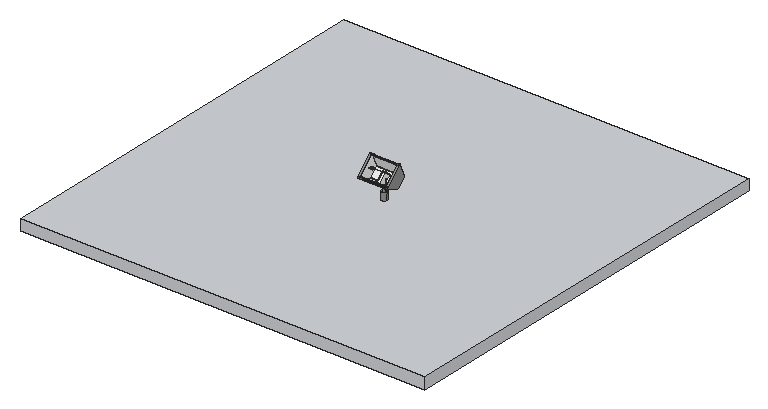
Revit family
Parameters (values of type "ARCOS WW 1/200W QT-DE")
  URL = "http://www.zumtobel.com/60711200"
  Type Comments = ""
  Note [instance] = "Angle value ranges between 1° and 87°"  # constant formula
  Model = "60711200"
  Manufacturer = "Zumtobel Lighting"  # constant formula
  Lamp = "QT-DE 12"
  Emit Shape Visible in Rendering = yes
  Description = "Wallwasher"
  Body [instance] = none
  Apparent Load = 200 VA
  Angle [instance] = 45.00°
  Rotation [instance] = 0.00°
  Default Elevation = 0.00 mm
  Assembly Code = "D5020200"
Reference planes
  plane 1 "Center (Front/Back)": y = 0
  plane 2: z = 0
  plane 3 "Center (Left/Right)": x = 0
  plane 4: z = 40
  plane 5: z = 135.5
Forms (mm)
  Extrusion 1, solid
    sketch origin (0, 0, 0) x (1, 0, 0) y (0, 1, 0)
      loop
        line (-1219.2, 1219.2) -> (-1219.2, -1219.2) -> (1219.2, -1219.2) -> (1219.2, 1219.2) -> (-1219.2, 1219.2)
    from 0 to -66.193
  Extrusion 2, solid, material <- "Body"
    sketch origin (0, 0, 0) x (1, 0, 0) y (0, 1, 0)
      loop
        circle (0, 0) r 17
    from 0 to 40
  Extrusion 3, solid, material <- "Body"
    sketch origin (0, 0, 40) x (1, 0, 0) y (0, 1, 0)
      loop
        circle (0, 0) r 7
    from 0 to 95.5
Lines and regions (mm)
  reference lines
    curve 1: line (0, 901.7, 0) -> (0, 0, 0)
Dimensions and locks
  locked: plane 5 to plane 2 at 135.5
  "Rotation": angle curve 1 to plane 3 "Center (Left/Right)"
  aligned and locked: plane 2 to Extrusion 1
  aligned and locked: level to Extrusion 1
  aligned and locked: plane 1 "Center (Front/Back)" to curve 1
  aligned and locked: plane 3 "Center (Left/Right)" to curve 1
  aligned: nested 1 to plane 1 "Center (Front/Back)"  (x2)
  aligned: curve 1 to nested 1
  aligned and locked: plane 5 to nested 1
  aligned and locked: curve 1 to nested 1
Automatic sketch dimensions
  Extrusion 1 sketch curve to Extrusion 1 sketch curve = 2438.40 mm  (x2)
  plane 1 "Center (Front/Back)" to Extrusion 2 sketch curve = 0.00 mm
  Extrusion 2 sketch curve to plane 3 "Center (Left/Right)" = 0.00 mm
  plane 1 "Center (Front/Back)" to Extrusion 3 sketch curve = 0.00 mm
  Extrusion 3 sketch curve to plane 3 "Center (Left/Right)" = 0.00 mm
  radius of Extrusion 2 sketch curve = 17.00 mm
  radius of Extrusion 3 sketch curve = 7.00 mm
Nested families
  nested 1: "Zumtobel ARCOS WW (Body)" at (200, 155, 135.5) x (1, 0, 0) z (0, 0, -1), Angle <- "Angle", Body <- "Body", type "ARCOS WW 1/200W QT-DE"
    with Body none, Angle 45.00°
Connectors
  electrical at (0, 0, 0), driven by "Apparent Load"
    settings: index 1
Definition of nested family "Zumtobel ARCOS WW (Body)"
  Parameters (values of type "ARCOS WW 1/200W QT-DE")
    Wattage = 21.5427 W
    built-in parameter 1150110 = 1 (stored number, unit not read)
    URL = ""
    built-in parameter 1114217 = 1 (stored number, unit not read)
    Tilt Angle = 60.00°
    built-in parameter 1150109 = 1 (stored number, unit not read)
    built-in parameter 1150134 = 3
    built-in parameter 1150113 = 1 (stored number, unit not read)
    Photometric Web File = "ST6292.IES"
    Model = ""
    Manufacturer = "Zumtobel Lighting"  # constant formula
    built-in parameter 1150105 = 1574.1 (stored number, unit not read)
    Lumens = 3200 lm
    built-in parameter 1150115 = 1 (stored number, unit not read)
    built-in parameter 1150137 = (empty or 0)
    built-in parameter 1150139 = (empty or 0)
    built-in parameter 1150112 = 1 (stored number, unit not read)
    built-in parameter 1150114 = 1 (stored number, unit not read)
    Lamp = ""
    built-in parameter 1150132 = 2
    built-in parameter 1150102 = (empty or 0)
    built-in parameter 1150107 = 3200 (stored number, unit not read)
    built-in parameter 1150138 = (empty or 0)
    built-in parameter 1150106 = 15.741 (stored number, unit not read)
    built-in parameter 1150104 = 13.8 (stored number, unit not read)
    Dimming Lamp Color Temperature Shift = (empty or 0)
    Description = "Zumtobel ARCOS WW Body"  # constant formula
    Default Elevation = 0.00 mm
    Color Filter = 16777215
    Body [instance] = none
    built-in parameter 1114218 = 1 (stored number, unit not read)
    built-in parameter 1150133 = 10 (stored number, unit not read)
    Assembly Code = ""
    Apparent Load = 200 VA
    Angle [instance] = 45.00°
  Reference planes
    plane 1 "Top": z = 0
    plane 2 "Center (Front/Back)": y = -155
    plane 3 "Center (Left/Right)": x = -200
    plane 4: z = 135.5
    plane 5: x = -289
    plane 6: x = -279
    plane 7: x = -111
    plane 8: x = -121
    plane 9 "Cut Left": x = -208
    plane 10 "Cut Right": x = -192
    plane 11: x = -278
    plane 12: x = -122
    plane 13: x = -273
    plane 14: x = -127
    plane 15: x = -263
    plane 16: x = -132
  Forms (mm)
    Extrusion 1, void
      sketch origin (-200, -155, 0) x (0, -0.707107, -0.707107) y (0, -0.707107, 0.707107)
        loop
          line (8, 100) -> (-91.855, 100) -> (-91.855, -8) -> (8, -8) -> (8, 100)
      from -8 to 8
    Extrusion 2, solid, material <- "Body"
      sketch origin (-200, -155, 0) x (0, -0.707107, -0.707107) y (0, 0.707107, -0.707107)
        loop
          line (53.75, -70.024) -> (53.75, 58.039)
          arc (53.75, 58.039) -> (52.958, 59.633) -> (51.208, 59.964) r 2
          line (51.208, 59.964) -> (-25.167, 28.262)
          arc (-25.167, 28.262) -> (-27.408, 26.42) -> (-28.25, 23.644) r 5
          line (-28.25, 23.644) -> (-28.25, -35.644)
          arc (-28.25, -35.644) -> (-27.408, -38.42) -> (-25.167, -40.262) r 5
          line (-25.167, -40.262) -> (50.983, -71.871)
          arc (50.983, -71.871) -> (52.861, -71.687) -> (53.75, -70.024) r 2
      from -89 to -79
    Extrusion 3, solid, material <- "Body"
      sketch origin (-200, -155, 0) x (0, -0.707107, -0.707107) y (0, -0.707107, 0.707107)
        loop
          arc (-25.167, 40.262) -> (-27.408, 38.42) -> (-28.25, 35.644) r 5
          line (-28.25, 35.644) -> (-28.25, -23.644)
          arc (-28.25, -23.644) -> (-27.408, -26.42) -> (-25.167, -28.262) r 5
          line (-25.167, -28.262) -> (50.983, -59.871)
          arc (50.983, -59.871) -> (52.861, -59.687) -> (53.75, -58.024) r 2
          line (53.75, -58.024) -> (53.75, 70.024)
          arc (53.75, 70.024) -> (52.861, 71.687) -> (50.983, 71.871) r 2
          line (50.983, 71.871) -> (-25.167, 40.262)
      from -89 to -79
    Extrusion 4, solid, material <- "Body"
      sketch origin (-200, -155, 0) x (0, -0.707107, -0.707107) y (0, 0.707107, -0.707107)
        loop
          line (-25.167, -40.262) -> (50.983, -71.871)
          arc (50.983, -71.871) -> (52.861, -71.687) -> (53.75, -70.024) r 2
          line (53.75, -70.024) -> (53.75, -64.002) -> (52.25, -64.002) -> (52.25, -68.526)
          arc (52.25, -68.526) -> (51.583, -69.773) -> (50.175, -69.911) r 1.5
          line (50.175, -69.911) -> (-24.592, -38.877)
          arc (-24.592, -38.877) -> (-26.161, -37.587) -> (-26.75, -35.644) r 3.5
          line (-26.75, -35.644) -> (-26.75, 23.644)
          arc (-26.75, 23.644) -> (-26.161, 25.587) -> (-24.592, 26.877) r 3.5
          line (-24.592, 26.877) -> (50.867, 58.198)
          arc (50.867, 58.198) -> (51.805, 58.106) -> (52.25, 57.275) r 1
          line (52.25, 57.275) -> (52.25, 52.002) -> (53.75, 52.002) -> (53.75, 58.024)
          arc (53.75, 58.024) -> (52.861, 59.687) -> (50.983, 59.871) r 2
          line (50.983, 59.871) -> (-25.167, 28.262)
          arc (-25.167, 28.262) -> (-27.408, 26.42) -> (-28.25, 23.644) r 5
          line (-28.25, 23.644) -> (-28.25, -35.644)
          arc (-28.25, -35.644) -> (-27.408, -38.42) -> (-25.167, -40.262) r 5
      from -78 to 78
    Extrusion 5, solid, material "Zumtobel_Glass_White"
      sketch origin (-200, -155, 0) x (0, -0.707107, -0.707107) y (0, 0.707107, -0.707107)
        loop
          line (52.25, -65.502) -> (52.25, 53.502) -> (50.75, 53.502) -> (50.75, -65.502) -> (52.25, -65.502)
      from -78 to 78
    Extrusion 6, solid, material <- "Body"
      sketch origin (-200, -155, 0) x (0, -0.707107, -0.707107) y (0, 0.707107, -0.707107)
        loop
          line (8, 8) -> (8, -52.405) -> (10, -53.235) -> (10, 9.5) -> (-26.75, 9.5) -> (-26.75, 8) -> (8, 8)
      from -8 to 8
    Extrusion 7, solid, material <- "Body"
      sketch origin (-200, -155, 0) x (0, -0.707107, -0.707107) y (0, 0.707107, -0.707107)
        loop
          arc (-26.75, -35.644) -> (-26.161, -37.587) -> (-24.592, -38.877) r 3.5
          line (-24.592, -38.877) -> (10, -53.235) -> (10, 9.5) -> (-26.75, 9.5) -> (-26.75, -35.644)
      from 8 to 10
    Extrusion 8, solid, material <- "Body"
      sketch origin (-200, -155, 0) x (0, -0.707107, -0.707107) y (0, -0.707107, 0.707107)
        loop
          line (-26.75, 35.644) -> (-26.75, -9.5) -> (10, -9.5) -> (10, 53.235) -> (-24.592, 38.877)
          arc (-24.592, 38.877) -> (-26.161, 37.587) -> (-26.75, 35.644) r 3.5
      from 8 to 10
    Extrusion 9, solid, material "Zumtobel_Lamp"
      sketch origin (-200, -155, 0) x (0, -0.707107, -0.707107) y (0, 0.707107, -0.707107)
        loop
          circle (15, 0) r 2.5
      from -73 to 73
    Extrusion 10, solid, material "Zumtobel_Plastic_White"
      sketch origin (-200, -155, -21.213) x (0, -0.707107, 0.707107) y (0, -0.707107, -0.707107)
        loop
          line (20, 5) -> (17.5, 5) -> (17.5, -5) -> (20, -5) -> (20, 5)
        loop
          line (10, 5) -> (10, -5) -> (12.5, -5) -> (12.5, 5) -> (10, 5)
      from -73 to -63
    Extrusion 11, solid, material "Zumtobel_Plastic_White"
      sketch origin (-200, -155, 0) x (0, -0.707107, -0.707107) y (0, 0.707107, -0.707107)
        loop
          line (10, 5) -> (10, -5) -> (20, -5) -> (20, 5) -> (10, 5)
      from -78 to -73
    Extrusion 12, solid, material "Zumtobel_Plastic_White"
      sketch origin (-200, -155, -21.213) x (0, -0.707107, 0.707107) y (0, 0.707107, 0.707107)
        loop
          line (20, -5) -> (20, 5) -> (17.5, 5) -> (17.5, -5) -> (20, -5)
        loop
          line (10, -5) -> (12.5, -5) -> (12.5, 5) -> (10, 5) -> (10, -5)
      from -73 to -63
    Extrusion 13, solid, material "Zumtobel_Plastic_White"
      sketch origin (-200, -155, 0) x (0, -0.707107, -0.707107) y (0, -0.707107, 0.707107)
        loop
          line (10, -5) -> (20, -5) -> (20, 5) -> (10, 5) -> (10, -5)
      from -78 to -73
  Cuts and joins
    Extrusion 1 cuts Extrusion 4
    joined: Extrusion 4, Extrusion 6, Extrusion 7, Extrusion 8
    joined: Extrusion 10, Extrusion 11
    joined: Extrusion 12, Extrusion 13
  Lines and regions (mm)
    reference lines
      curve 1: line (-200, -155, 0) -> (-200, -169.142, -14.142)
      curve 2: line (-200, -169.142, -14.142) -> (-200, -247.757, 64.473)
      curve 3: line (-200, -155, 0) -> (-200, -123.059, 31.941)
      curve 4: line (-200, -169.142, -14.142) -> (-200, -217.231, -62.231)
      curve 5: line (-200, -193.007, -38.007) -> (-200, -271.622, 40.608)
      curve 6: line (-200, -155, 0) -> (-200, -210.047, 55.047)
      curve 7: line (-200, -135.024, 19.976) -> (-200, -189.547, 74.499)
      curve 8: line (-200, -165.607, -10.607) -> (-200, -220.932, 44.718)
  Dimensions and locks
    locked: plane 4 to plane 1 "Top" at 135.5
    locked: Extrusion 1 sketch curve to curve 1 at 8
    locked: Extrusion 6 sketch curve to Extrusion 6 sketch curve at 2
    curve 5 to Extrusion 5 sketch curve to Extrusion 5 sketch curve = 1.50 mm locked, 1.50 mm locked
    locked: curve 6 to curve 7 at 28.25
    locked: curve 5 to curve 6 at 53.75
    locked: curve 2 to curve 6 at 20
    locked: curve 2 to curve 8 at 5
    "Angle": angle curve 4 to plane 1 "Top"
    "Angle": angle curve 3 to plane 1 "Top"
    aligned and locked: level to plane 1 "Top"
    aligned and locked: plane 2 "Center (Front/Back)" to curve 1
    aligned and locked: plane 1 "Top" to curve 1
    aligned and locked: imposter light to curve 4  (x2)
    aligned and locked: Extrusion 8 sketch curve to cut or joined group of Extrusion 1, Extrusion 4, Extrusion 6, Extrusion 7, Extrusion 8
    aligned and locked: Extrusion 7 sketch curve to cut or joined group of Extrusion 1, Extrusion 4, Extrusion 6, Extrusion 7, Extrusion 8
    aligned and locked: Extrusion 6 sketch curve to cut or joined group of Extrusion 1, Extrusion 4, Extrusion 6, Extrusion 7, Extrusion 8
    aligned: Extrusion 8 sketch curve to Extrusion 6
    aligned and locked: Extrusion 7 sketch curve to Extrusion 8
    aligned and locked: Extrusion 2 sketch curve to curve 5
    aligned and locked: Extrusion 4 sketch curve to curve 5
    aligned and locked: curve 5 to Extrusion 4 sketch curve
    aligned and locked: Extrusion 3 sketch curve to curve 5
    aligned and locked: Extrusion 2 sketch curve to cut or joined group of Extrusion 1, Extrusion 4, Extrusion 6, Extrusion 7, Extrusion 8  (x2)
    aligned and locked: Extrusion 4 sketch curve to curve 7
  Automatic sketch dimensions
    curve 7 to plane 2 "Center (Front/Back)" = 34.547 mm
    curve 7 to curve 6 = 20.50 mm
    curve 6 to curve 8 = 10.885 mm
    curve 2 to level = 64.473 mm
    curve 5 to level = 40.608 mm
    Extrusion 1 sketch curve to curve 3 = 46.683 mm
    curve 3 to Extrusion 1 sketch curve = 8.00 mm
    curve 3 to Extrusion 1 sketch curve = 100.00 mm
    Extrusion 2 sketch curve to Extrusion 2 sketch curve = 1.917 mm  (x2)
    Extrusion 2 sketch curve to Extrusion 2 sketch curve = 2.767 mm
    Extrusion 2 sketch curve to Extrusion 2 sketch curve = 2.542 mm
    Extrusion 2 sketch curve to Extrusion 2 sketch curve = 0.767 mm
    Extrusion 2 sketch curve to Extrusion 2 sketch curve = 2.00 mm
    Extrusion 2 sketch curve to curve 1 = 70.024 mm
    curve 1 to Extrusion 2 sketch curve = 58.039 mm
    Extrusion 3 sketch curve to Extrusion 3 sketch curve = 2.00 mm  (x2)
    Extrusion 3 sketch curve to Extrusion 3 sketch curve = 0.767 mm  (x2)
    Extrusion 3 sketch curve to curve 1 = 23.25 mm  (x2)
    Extrusion 3 sketch curve to Extrusion 3 sketch curve = 1.917 mm  (x2)
    Extrusion 3 sketch curve to Extrusion 3 sketch curve = 5.00 mm
    Extrusion 3 sketch curve to curve 1 = 59.871 mm
    Extrusion 3 sketch curve to curve 1 = 28.262 mm
    curve 1 to Extrusion 3 sketch curve = 35.644 mm
    curve 1 to Extrusion 3 sketch curve = 70.024 mm
    Extrusion 4 sketch curve to Extrusion 4 sketch curve = 0.00 mm  (x4)
    Extrusion 4 sketch curve to Extrusion 4 sketch curve = 1.50 mm  (x2)
    Extrusion 4 sketch curve to Extrusion 4 sketch curve = 1.583 mm  (x2)
    Extrusion 4 sketch curve to Extrusion 4 sketch curve = 0.575 mm  (x3)
    Extrusion 4 sketch curve to Extrusion 4 sketch curve = 3.50 mm  (x2)
    Extrusion 4 sketch curve to Extrusion 4 sketch curve = 3.575 mm
    Extrusion 4 sketch curve to Extrusion 4 sketch curve = 2.883 mm
    Extrusion 4 sketch curve to Extrusion 4 sketch curve = 0.117 mm
    Extrusion 4 sketch curve to Extrusion 4 sketch curve = 0.808 mm
    Extrusion 4 sketch curve to Extrusion 4 sketch curve = 0.383 mm
    Extrusion 4 sketch curve to Extrusion 4 sketch curve = 0.883 mm
    Extrusion 4 sketch curve to Extrusion 4 sketch curve = 1.575 mm
    Extrusion 4 sketch curve to Extrusion 4 sketch curve = 0.50 mm
    Extrusion 4 sketch curve to curve 1 = 71.871 mm
    Extrusion 4 sketch curve to Extrusion 4 sketch curve = 0.112 mm
    Extrusion 4 sketch curve to Extrusion 4 sketch curve = 4.524 mm
    Extrusion 4 sketch curve to curve 1 = 40.262 mm
    Extrusion 4 sketch curve to curve 1 = 23.644 mm
    curve 1 to Extrusion 4 sketch curve = 52.002 mm
    Extrusion 4 sketch curve to Extrusion 4 sketch curve = 5.273 mm
    Extrusion 4 sketch curve to Extrusion 4 sketch curve = 0.749 mm
    Extrusion 5 sketch curve to curve 1 = 65.502 mm
    curve 1 to Extrusion 5 sketch curve = 53.502 mm
    Extrusion 6 sketch curve to curve 1 = 8.00 mm
    Extrusion 6 sketch curve to curve 1 = 26.75 mm
    curve 1 to Extrusion 6 sketch curve = 8.00 mm
    Extrusion 6 sketch curve to Extrusion 6 sketch curve = 1.50 mm
    Extrusion 7 sketch curve to curve 1 = 23.25 mm
    Extrusion 7 sketch curve to Extrusion 7 sketch curve = 1.342 mm
    Extrusion 7 sketch curve to Extrusion 7 sketch curve = 3.50 mm
    Extrusion 7 sketch curve to curve 1 = 9.50 mm
    Extrusion 8 sketch curve to curve 1 = 26.75 mm
    Extrusion 8 sketch curve to Extrusion 8 sketch curve = 2.158 mm
    Extrusion 8 sketch curve to Extrusion 8 sketch curve = 3.50 mm
    curve 1 to Extrusion 8 sketch curve = 10.00 mm
    curve 1 to Extrusion 8 sketch curve = 9.50 mm
    Extrusion 9 sketch curve to curve 1 = 0.00 mm
    Extrusion 9 sketch curve to curve 1 = 5.00 mm
    Extrusion 10 sketch curve to curve 1 = 5.00 mm
    Extrusion 10 sketch curve to curve 1 = 2.50 mm
    curve 1 to Extrusion 10 sketch curve = 2.50 mm
    curve 1 to Extrusion 10 sketch curve = 5.00 mm
    Extrusion 10 sketch curve to curve 1 = 0.00 mm
    curve 1 to Extrusion 10 sketch curve = 0.00 mm
    Extrusion 10 sketch curve to Extrusion 10 sketch curve = 10.00 mm
    Extrusion 10 sketch curve to Extrusion 10 sketch curve = 0.00 mm
    Extrusion 11 sketch curve to curve 1 = 0.00 mm
    Extrusion 11 sketch curve to curve 1 = 5.00 mm
    curve 1 to Extrusion 11 sketch curve = 5.00 mm
    Extrusion 11 sketch curve to Extrusion 11 sketch curve = 10.00 mm
    Extrusion 12 sketch curve to curve 1 = 5.00 mm
    Extrusion 12 sketch curve to curve 1 = 2.50 mm
    curve 1 to Extrusion 12 sketch curve = 2.50 mm
    curve 1 to Extrusion 12 sketch curve = 5.00 mm
    curve 1 to Extrusion 12 sketch curve = 0.00 mm
    Extrusion 12 sketch curve to curve 1 = 0.00 mm
    Extrusion 12 sketch curve to Extrusion 12 sketch curve = 10.00 mm
    Extrusion 12 sketch curve to Extrusion 12 sketch curve = 0.00 mm
    curve 1 to Extrusion 13 sketch curve = 0.00 mm
    Extrusion 13 sketch curve to curve 1 = 5.00 mm
    curve 1 to Extrusion 13 sketch curve = 5.00 mm
    Extrusion 13 sketch curve to Extrusion 13 sketch curve = 10.00 mm
    radius of Extrusion 9 sketch curve = 2.50 mm
